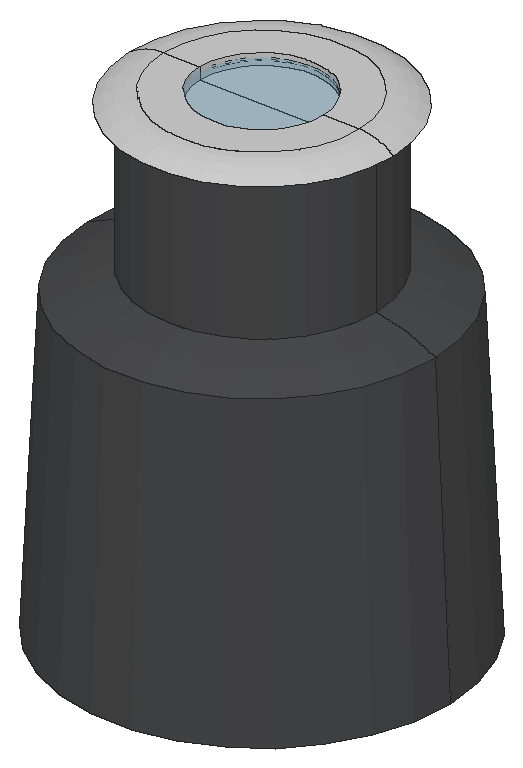
Revit family "INGROUND 2W SIMETRICA_LKB0116WW.9", category Luminarias, Revit 2019
Family settings
  Cota de conector redondo = Diámetro de uso
  Tipo de pieza = Normal
  Se basa en plano de trabajo = Sí
  Siempre vertical = No
  Corte con vacíos al cargar = No
  Origen de luz = Sí
  Compartido = No
  Punto de cálculo de habitación = No
Parameters (values of type "EMP_LKB0116WW.9")
  Ángulo de inclinación = 30.00°
  Ángulo de enfoque = 9.00°
  Ángulo de campo de foco = 9.00°
  Zone [instance] = ""
  Watt per fixture = 3
  Wattage = 3 W
  built-in parameter 1150107 = 3000 (stored number, unit not read)
  built-in parameter 1150110 = 1 (stored number, unit not read)
  built-in parameter 1150109 = 1 (stored number, unit not read)
  built-in parameter 1150112 = 1 (stored number, unit not read)
  built-in parameter 1150113 = 1 (stored number, unit not read)
  built-in parameter 1114218 = 1 (stored number, unit not read)
  Keynote = ""
  built-in parameter 1150137 = (empty or 0)
  built-in parameter 1150132 = (empty or 0)
  Modelo = "LKB0116WW.9"
  Lámpara = "OSRAM"
  Longitud de símbolo de origen de luz = 500 mm
  built-in parameter 1150105 = 10231.7 (stored number, unit not read)
  built-in parameter 1150102 = (empty or 0)
  built-in parameter 1150106 = 102.32 (stored number, unit not read)
  Lumens = 142.98 lm
  Color Filter = 16777215
  built-in parameter 1114217 = 1 (stored number, unit not read)
  built-in parameter 1150139 = (empty or 0)
  Fabricante = "BRILLANT"
  Default Elevation = 0 mm
  built-in parameter 1150104 = 4.4278 (stored number, unit not read)
  Descripción = "LUMINARIA TIPO CIRCULAR PARA EMPOTRAR EN PISO CON CUERPO DE ALUMINIO FUNDIDO A PRESION CUBIERTO CON POLVO GRIS OSCURO, CON CUBIERTA DE ACERO INOXIDABLE Y VIDRIO TEMPLADO DE 7MM, HOUSING TIPO ABS DE 48MM DE DIAMETRO Y 98MM DE PROFUNDO. CUENTA CON 1 LED OSRAM CON UNA POTENCIA TOTAL DE 3W, A UNA TEMPERATURA EN BLANCO CALIDO DE 3000K CON 143 LUMENES, 47mA EN CORRIENTE DE OPERACIÓN, IP67, IK08, IRC 80, DISPONIBLE PARA ATENUAR EN TRIAC (OPCIONAL), APERTURA EN 9 GRADOS POR PROYECTO, ALIMENTADA A 100-240V"
  built-in parameter 1150115 = 1 (stored number, unit not read)
  built-in parameter 1150114 = 1 (stored number, unit not read)
  Comentarios de vataje = "100-240V"
  built-in parameter 1150138 = (empty or 0)
  built-in parameter 1150134 = (empty or 0)
  Circuit [instance] = ""
  Dimming Lamp Color Temperature Shift = (empty or 0)
  built-in parameter 1150133 = 10 (stored number, unit not read)
Reference planes
  plane 1 "Centro (Frontal/Posterior)": y = 0
  plane 2: z = 0
  plane 3 "Centro (Izquierda/Derecha)": x = 0
  plane 4: z = -98
  plane 5: x = -653.678
  plane 6: x = 600
  plane 7: z = -77
  plane 8: z = -80
  plane 9: z = -35
Forms (mm)
  Revolve 1, solid, material "Acero Inoxidable"
    sketch origin (0, 0, 0) x (1, 0, 0) y (0, 0, 1)
      loop
        line (-12.813, 2.379) -> (-20.307, 2.379)
        arc (-20.307, 2.379) -> (-24.095, 1.769) -> (-27.5, 0) r 12.065
        line (-27.5, 0) -> (-15.59, 0) -> (-15.59, -8.098)
        arc (-15.59, -8.098) -> (-14.091, -9.597) -> (-15.59, -11.095) r 1.499
        line (-15.59, -11.095) -> (-15.59, -19.348)
        arc (-15.59, -19.348) -> (-14.091, -20.847) -> (-15.59, -22.345) r 1.499
        line (-15.59, -22.345) -> (-15.59, -24.348)
        arc (-15.59, -24.348) -> (-14.091, -25.847) -> (-15.59, -27.345) r 1.499
        line (-15.59, -27.345) -> (-15.59, -80.004) -> (0, -80.004) -> (0, 0) -> (-12.813, 0) -> (-12.813, 2.379)
      axis (0, 2.379) -> (0, -80.004)
    angle from 0 to 360
  Extrusion 2, solid, material "Cristal"
    sketch origin (0, 0, 0) x (1, 0, 0) y (0, 1, 0)
      loop
        circle (0, 0) r 12.813
    from 0.921 to 1.499
  Extrusion 3, solid, material "Plastico"
    sketch origin (0, 0, 0) x (1, 0, 0) y (0, 1, 0)
      loop
        circle (0, 0) r 5
    from -82.702 to -80.004
  Revolve 4, solid, material "Plastico"
    sketch origin (0, 0, 0) x (1, 0, 0) y (0, 0, 1)
      loop
        line (-20.611, -0.047) -> (-24, -0.047) -> (-24, -30.282)
        arc (-24, -30.282) -> (-30.248, -32.029) -> (-36.19, -34.633) r 46.304
        line (-36.19, -34.633) -> (-39.253, -98) -> (0, -98) -> (0, -95.6) -> (-29.843, -95.6) -> (-29.843, -39.979)
        arc (-29.843, -39.979) -> (-25.307, -38.266) -> (-20.611, -37.064) r 43.904
        line (-20.611, -37.064) -> (-20.611, -0.047)
      axis (0, -0.047) -> (0, -98)
    angle from 0 to 360
Dimensions and locks
  plane 2 to plane 4 = 98 mm
  level to plane 4 = 98 mm
  level to plane 7 = 77 mm
  plane 2 to plane 8 = 80 mm
  level to plane 9 = 35 mm
  plane 3 "Centro (Izquierda/Derecha)" to Revolve 4 sketch curve = 24 mm
  plane 3 "Centro (Izquierda/Derecha)" to Revolve 1 sketch curve = 27.5 mm
  aligned and locked: level to plane 2
Connectors
  electrical at (0, 0, -98)
    settings: on Revolve 4, index 1, voltage 240 V, apparent load 0 VA, apparent load phase1 0 VA, apparent load phase2 0 VA, apparent load phase3 0 VA, power factor 1, load classification "Otro", number of poles 1, system type 31, power factor state 1, is connector primary yes, connector utility no, sub classification motor no, connector description ""
